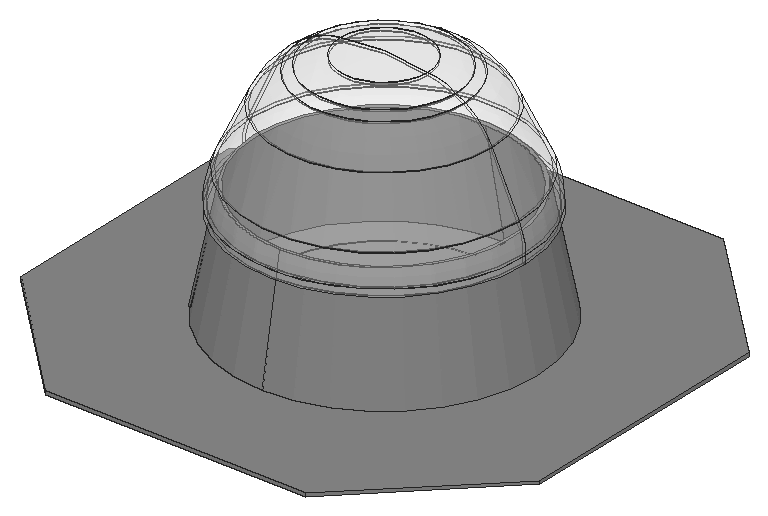
Revit family
Parameters (values of type "ByType")
  Wire Suspension Kit [instance] = yes
  Water Penetration = "No water penetration at 16.5 psf (ASTM E 331)"
  Warranty Duration (Years) = 10
  Visible Light Transmission = 92
  UL Fire Rating = "Class B"
  U Factor = 0.43
  Type Comments = "Type as Specified"
  Test Data [instance] = "http://cpd.nfrc.org/pubsearch/psLineDetails.asp?CPD=STU-K-2_10641"
  Structural Test Pressure = "Positive pressure of 110 psf and Negative pressure of 60 psf (ASTM E 330)"
  Specification [instance] = "http://www.arcat.com/sd/clients/solatube.html?coid=35591"
  SpecWizard [instance] = "http://www.arcat.com/specwizard/08625slt/index.htm?mf=&coid=35591"
  Send Message = "http://admin.arcat.com/users.pl?action=UserEmail&company=Solatube%20International%20Inc.&coid=35591&rep=147&fax=760-597-4488%20&mf="
  Sales Information [instance] = "http://www.solatube.com/commercial/brightenup.php"
  SHGC = 0.33
  Rough Width = 1' - 0"
  Rough Height = 1' - 0"
  Product Properties [instance] = "http://www.arcat.com/bim/bim_info.pl?fn=TDD_Solatube"
  Product Data [instance] = "http://www.arcat.com/clickthru.pl?coid=35591&prodid=2973&loc=www.solatube.com/residential/brightenup.php"
  Photometric Data [instance] = "http://www.solatube.com/downloads/lumens.pdf"
  Outer Dome = Dome_Acrylic
  Model = "As Specified in 08 62 00"
  Manufacturer Website = "http://www.solatube.com"
  Manufacturer Phone - Toll Free = "888-765-2882"
  Manufacturer Phone = "760-597-4400"
  Manufacturer Fax = "760-597-4488"
  Manufacturer Address = "2210 Oak Ridge Way Vista CA  92081"
  Manufacturer = "Solatube International Inc."
  Maintenance Schedule (Months) = 0
  MSDS [instance] = "http://www.solatube.com/commercial/technical_resources.php"
  Is Hurricane Zone (HVHZ) Compliant = no
  Inner Dome = None
  Incandescent Light System [instance] = yes
  Flashing Type = FF Flashing : FF4 - 160
  Flashing Material = Flashing_Steel - ASTM A653 - Black
  Extension Tubes [instance] = 0
  EDCS Area_in2 = 160
  Keynote = "08 62 00"
  Installation-Fabrication [instance] = "http://www.solatube.com/downloads/2007/install/160DS_290DS.pdf"
  Installation Phase = "{Roof}{Retrofit}"
  Green Building-LEED [instance] = "http://www.arcat.com/green/leed_info.php?coid=35591&prodid=2973&mf="
  R.O. Diameter = 1' - 0"
  Flashing Thickness = 0' - 0 1/16"
  Expected Lifespan (Years) = 0
  ENERGYSTAR Qualified = if(and(U Factor < 0.601, SHGC < 1), "N, N/C, S/C, S", if(and(U Factor < 0.601, SHGC < 0.401), "N/C and S/C", if(and(U Factor < 0.751, SHGC < 0.401), "S", "Non-Compliant")))  # "N, N/C, S/C, S"
  Drawn By = "Robert S. Weygant. CSI, CDT, SCIP"
  Throat Height = 0' - 4"
  Dome = 160 Dome : DA
  Description = "Solatube Tubular Taylighting Device (TDD) as Specified in 08 62 00"
  Daylight Dimmer Kit [instance] = yes
  Copyright = "2008, ARCAT, Inc."
  Construction Type = "{New}{Retrofit}"
  Construction Details [instance] = "http://www.arcat.com/details/solatube/prod0437.html"
  Compact Flourescent Light System [instance] = yes
  Building Codes [instance] = "http://www.solatube.com/commercial/technical_resources.php"
  Mounting Height [instance] = 0' - 0"
  Assembly Code = "B3020110"
  Air Infiltration = "0.3 cfm/ft2 at 1.57 psf (ASTM E 283)"
  0-90 Angle Extension Tubes [instance] = 0
Reference planes (in)
  plane 1 "Center (Front/Back)": y = 0
  plane 2 "Roof": z = 159.05758
  plane 3 "Center (Left/Right)": x = 0
  plane 4 "Ceiling": z = 0
  plane 5 "Base": z = 165.05758
  plane 6 "Roof Face": z = 165.05758
  plane 7 "LensCurb": z = 169.05758
Lines and regions (in)
  Opening 1
    outline origin (-0.22623, 0, 165.05758) x (0, 1, 0) y (-1, 0, 0)
      loop
        circle (0, -0.22623) r 6
  sketch lines
    curve 1: line (-60.22623, 60, 0) -> (59.77377, 60, 0)
    curve 2: line (-60.22623, 60, 0) -> (-60.22623, -60, 0)
    curve 3: line (-60.22623, -60, 0) -> (59.77377, -60, 0)
    curve 4: line (59.77377, 60, 0) -> (59.77377, -60, 0)
Dimensions and locks (in)
  curve 2 to plane 3 "Center (Left/Right)" to curve 4 = 5' - 0.22623", 4' - 11.77377"
  equal spacing: curve 3, plane 1 "Center (Front/Back)", curve 1
  locked: plane 5 "Base" to plane 6 "Roof Face"
  "Throat Height": plane 7 "LensCurb" to plane 5 "Base"
  "R.O. Diameter": Opening 1 sketch curve to Opening 1 sketch curve
  aligned and locked: plane 2 "Roof" to level
  aligned and locked: level to host roof
  aligned and locked: plane 6 "Roof Face" to host roof
  aligned and locked: nested 1 to plane 3 "Center (Left/Right)"
  aligned and locked: plane 1 "Center (Front/Back)" to nested 2
  aligned and locked: plane 3 "Center (Left/Right)" to nested 2
  aligned and locked: plane 7 "LensCurb" to nested 2
  aligned and locked: plane 3 "Center (Left/Right)" to Opening 1 sketch curve
  aligned and locked: plane 1 "Center (Front/Back)" to Opening 1 sketch curve
Nested families (in)
  nested 1: "FF Flashing" at (3.11178, -2, 164.93258) x (-1, 0, 0) z (0, 0, 1), type <- "Flashing Type", Flashing Material <- "Flashing Material", type "FF4 - 160"
    with Flashing Material Flashing_Steel - ASTM A653 - Black
  nested 2: "160 Dome" at (2.86731, 0, 169.05758), type <- "Dome", type "DA"
Definition of nested family "FF Flashing"
  Parameters (values of type "FF4 - 160")
    ang = Flashing Size / 4  # 0' - 5 1/2"
    Toprad = 0' - 5 1/2"
    Thk = 0' - 0 1/8"
    Opening = 0' - 5"
    Inttoprad = Toprad - Thk  # 0' - 5 3/8"
    IntBaserad = Baserad - Thk  # 0' - 6 3/8"
    Flashing Size = 1' - 10"
    Flashing Material [instance] = Poche
    Default Elevation = 4' - 0"
    Baserad = Toprad + 0' 1"  # 0' - 6 1/2"
    Baseht = 0' - 5"
    Assembly Code = ""
  Types (8): name | ang | Toprad | Opening | Inttoprad | IntBaserad | Flashing Size | Baserad | Baseht
    FF6 - 160 | 0' - 5 1/2" | 0' - 5 1/2" | 0' - 5" | 0' - 5 3/8" | 0' - 6 3/8" | 1' - 10" | 0' - 6 1/2" | 0' - 7"
    FF6 - 290 | 0' - 6 5/16" | 0' - 7 1/2" | 0' - 8" | 0' - 7 3/8" | 0' - 8 3/8" | 2' - 1 1/4" | 0' - 8 1/2" | 0' - 7"
    FFT6 - 290 | 0' - 6 5/16" | 0' - 7 1/2" | 0' - 8" | 0' - 7 3/8" | 0' - 8 3/8" | 2' - 1 1/4" | 0' - 8 1/2" | 0' - 7"
    FFT4 - 290 | 0' - 6 5/16" | 0' - 7 1/2" | 0' - 8" | 0' - 7 3/8" | 0' - 8 3/8" | 2' - 1 1/4" | 0' - 8 1/2" | 0' - 5"
    FF4 - 290 | 0' - 6 5/16" | 0' - 7 1/2" | 0' - 8" | 0' - 7 3/8" | 0' - 8 3/8" | 2' - 1 1/4" | 0' - 8 1/2" | 0' - 5"
    FFT6 - 160 | 0' - 5 1/2" | 0' - 5 1/2" | 0' - 5" | 0' - 5 3/8" | 0' - 6 3/8" | 1' - 10" | 0' - 6 1/2" | 0' - 7"
    FF4 - 160 | 0' - 5 1/2" | 0' - 5 1/2" | 0' - 5" | 0' - 5 3/8" | 0' - 6 3/8" | 1' - 10" | 0' - 6 1/2" | 0' - 5"
    FFT4 - 160 | 0' - 5 1/2" | 0' - 5 1/2" | 0' - 5" | 0' - 5 3/8" | 0' - 6 3/8" | 1' - 10" | 0' - 6 1/2" | 0' - 5"
  Reference planes (in)
    plane 1 "Center (Front/Back)": y = -2
    plane 2: z = 0
    plane 3 "Center (Left/Right)": x = 3.11178
    plane 4: y = 9
    plane 5: y = -13
    plane 6: x = 14.11178
    plane 7: x = -7.88822
    plane 8: z = 5
  Forms (in)
    Extrusion 1, solid, material "Poche" <- "Flashing Material"
      sketch origin (0, 0, 0) x (1, 0, 0) y (0, 1, 0)
        loop
          line (-2.38822, 9) -> (-7.88822, 3.5) -> (-7.88822, -7.5) -> (-2.38822, -13) -> (8.61178, -13) -> (14.11178, -7.5) -> (14.11178, 3.5) -> (8.61178, 9) -> (-2.38822, 9)
        loop
          circle (3.11178, -2) r 5
      from 0 to 0.125
    Blend 2, solid, material "Poche" <- "Flashing Material"
      base sketch origin (0, 0, 6.00666) x (0, -1, 0) y (1, 0, 0)
        loop
          circle (2, 3.11178) r 6.5
      top sketch origin (0, 0, 6.00666) x (0, -1, 0) y (1, 0, 0)
        loop
          circle (2, 3.11178) r 5.5
      from -6.00666 to -1.00666
    Blend 3, void
      base sketch origin (0, 0.04658, 6.47375) x (0, -1, 0) y (1, 0, 0)
        loop
          circle (2, 3.11178) r 6.375
      top sketch origin (0, 0.04658, 6.47375) x (0, -1, 0) y (1, 0, 0)
        loop
          circle (2, 3.11178) r 5.375
      from -6.34875 to -1.47375
  Cuts and joins
    Blend 3 cuts Blend 2
  Dimensions and locks (in)
    "Thk": Extrusion 1 to Extrusion 1
    Blend 2 to Blend 2 = 0' - 5"
    "Flashing Size": plane 7 to plane 6
    "Flashing Size": plane 4 to plane 5
    equal spacing: plane 7, plane 3 "Center (Left/Right)", plane 6
    equal spacing: plane 4, plane 1 "Center (Front/Back)", plane 5
    "ang": plane 7 to Extrusion 1 sketch curve  (x2)
    "ang": Extrusion 1 sketch curve to plane 6  (x2)
    "ang": plane 4 to Extrusion 1 sketch curve  (x2)
    "ang": Extrusion 1 sketch curve to plane 5  (x2)
    "Baseht": plane 8 to plane 2
    "Baserad": radius of Blend 2 sketch curve
    "Toprad": radius of Blend 2 sketch curve
    "IntBaserad": radius of Blend 3 sketch curve
    "Inttoprad": radius of Blend 3 sketch curve
    "Opening": radius of Extrusion 1 sketch curve
    aligned and locked: plane 3 "Center (Left/Right)" to Blend 3
    aligned and locked: cut or joined group of Blend 2, Blend 3 to cut or joined group of Blend 2, Blend 3
    aligned and locked: plane 4 to Extrusion 1 sketch curve
    aligned and locked: Extrusion 1 sketch curve to plane 7
    aligned and locked: plane 6 to Extrusion 1 sketch curve
    aligned and locked: Extrusion 1 sketch curve to plane 5
    aligned and locked: Extrusion 1 to plane 2
    aligned and locked: cut or joined group of Blend 2, Blend 3 to plane 2
    aligned and locked: plane 8 to cut or joined group of Blend 2, Blend 3
  Automatic sketch dimensions
    Extrusion 1 sketch curve to plane 1 "Center (Front/Back)" = 0' - 0"
    Extrusion 1 sketch curve to plane 3 "Center (Left/Right)" = 0' - 0"
    Blend 2 sketch curve to plane 1 "Center (Front/Back)" = 0' - 0"  (x2)
    Blend 2 sketch curve to plane 3 "Center (Left/Right)" = 0' - 0"  (x2)
    Blend 3 sketch curve to plane 3 "Center (Left/Right)" = 0' - 0"  (x2)
    Blend 3 sketch curve to plane 1 "Center (Front/Back)" = 0' - 0.04658"  (x2)
Definition of nested family "160 Dome"
  Parameters (values of type "DI")
    Lens = Dome_Acrylic
    Inner Dome = yes
    Default Elevation = 4' - 0"
    Assembly Code = ""
  Types (2): name | Inner Dome
    DA | no
    DI | yes
  Reference planes (in)
    plane 1 "Center (Front/Back)": y = 0
    plane 2 "Bottom": z = 0
    plane 3 "Center (Left/Right)": x = -2.86731
    plane 4: z = 6
    plane 5: x = -8.86731
    plane 6: z = 6
    plane 7: x = -8.86731
  Forms (in)
    Revolve 1, solid, material "Dome_Acrylic" <- "Lens"
      sketch origin (0, 0, 0) x (1, 0, 0) y (0, 0, 1)
        loop
          line (-2.86731, 6) -> (-4.72285, 5.83766)
          arc (-4.72285, 5.83766) -> (-5.33681, 5.71554) -> (-5.90978, 5.46342) r 2.875
          line (-5.90978, 5.46342) -> (-6.30481, 5.23535)
          arc (-6.30481, 5.23535) -> (-6.98698, 4.68785) -> (-7.47295, 3.96056) r 2.875
          line (-7.47295, 3.96056) -> (-8.59795, 1.54799)
          arc (-8.59795, 1.54799) -> (-8.79916, 0.95522) -> (-8.86731, 0.33296) r 2.875
          line (-8.86731, 0.33296) -> (-8.86731, 0) -> (-8.74231, 0) -> (-8.74231, 0.33296)
          arc (-8.74231, 0.33296) -> (-8.67713, 0.92817) -> (-8.48466, 1.49516) r 2.75
          line (-8.48466, 1.49516) -> (-7.35966, 3.90773)
          arc (-7.35966, 3.90773) -> (-6.89482, 4.6034) -> (-6.24231, 5.1271) r 2.75
          line (-6.24231, 5.1271) -> (-5.84728, 5.35517)
          arc (-5.84728, 5.35517) -> (-5.29922, 5.59632) -> (-4.71196, 5.71314) r 2.75
          line (-4.71196, 5.71314) -> (-2.86731, 5.87452) -> (-2.86731, 6)
        axis (-2.86731, 6) -> (-2.86731, 0)
      angle from 0 to 360
    Revolve 2, solid, material "Dome_Acrylic" <- "Lens", visible <- "Inner Dome"
      sketch origin (0, 0, 0) x (1, 0, 0) y (0, 0, 1)
        loop
          line (-2.86731, 5.25) -> (-4.49091, 5.10795)
          arc (-4.49091, 5.10795) -> (-5.02812, 5.0011) -> (-5.52947, 4.7805) r 2.51563
          line (-5.52947, 4.7805) -> (-5.87512, 4.58093)
          arc (-5.87512, 4.58093) -> (-6.47202, 4.10187) -> (-6.89724, 3.46549) r 2.51563
          line (-6.89724, 3.46549) -> (-7.88162, 1.35449)
          arc (-7.88162, 1.35449) -> (-8.05768, 0.83582) -> (-8.11731, 0.29134) r 2.51563
          line (-8.11731, 0.29134) -> (-8.11731, 0.10373) -> (-8.86731, 0.10373) -> (-8.86731, 0) -> (-8.00794, 0) -> (-8.00794, 0.29134)
          arc (-8.00794, 0.29134) -> (-7.9509, 0.81215) -> (-7.78249, 1.30826) r 2.40625
          line (-7.78249, 1.30826) -> (-6.79811, 3.41926)
          arc (-6.79811, 3.41926) -> (-6.39139, 4.02798) -> (-5.82044, 4.48621) r 2.40625
          line (-5.82044, 4.48621) -> (-5.47478, 4.68577)
          arc (-5.47478, 4.68577) -> (-4.99523, 4.89678) -> (-4.48138, 4.99899) r 2.40625
          line (-4.48138, 4.99899) -> (-2.86731, 5.14021) -> (-2.86731, 5.25)
        axis (-2.86731, 5.25) -> (-2.86731, 0)
      angle from 0 to 360
  Dimensions and locks (in)
    aligned and locked: Revolve 1 sketch curve to plane 3 "Center (Left/Right)"
    aligned and locked: Revolve 2 sketch curve to plane 7
